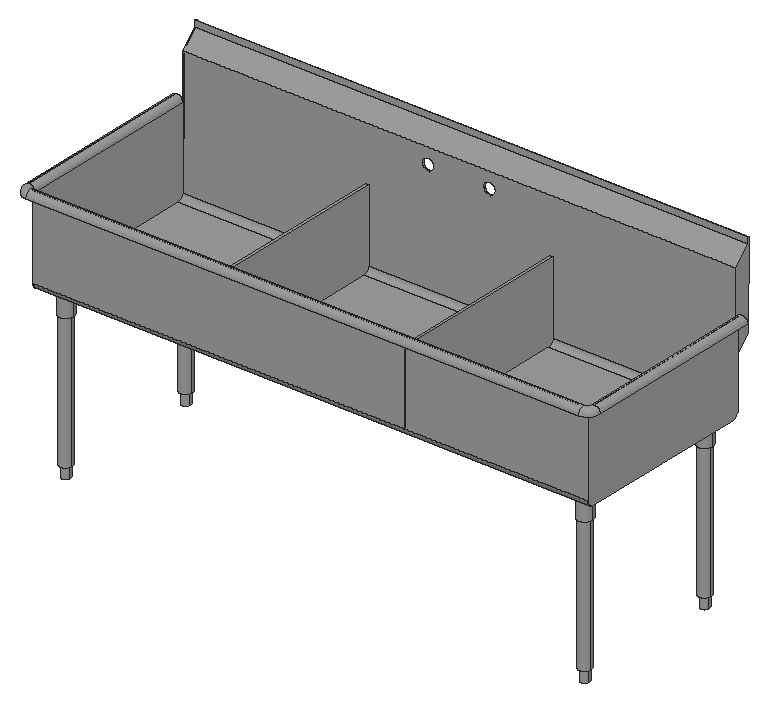
Revit family
Parameters (values of type "ByType")
  Width = 2' - 3 1/2"
  URL = "www.sspinc.net"
  Specification URL = "http://www.sspinc.net/sspweb/index.php?option=com_virtuemart&page=shop.browse&category_id=32&Itemid=73&TreeId=5"
  Sink Material = Metal - Steel - Stainless - Chrome
  Model Number = ""
  Model = "Budget"
  Manufacturer = "Elkay SSP, LLC"
  Length = 6' - 3"
  Hidden Width = if(Compartment Width > 0' 11", Width, (Compartment Width + Sink Rim Front Width + Backsplash Width))  # 2' - 3 1/2"
  Hidden Compartment Width = Width - Sink Rim Front Width - Backsplash Width  # 2' - 0"
  Hidden Compartment Length = (Length - (Sink Rim Sides Width * 2)) / 3  # 2' - 0"
  Description = "Ultility, Triple Compartment"
  Compartment Length = if(Hidden Compartment Length > 0' 8 1/2", Hidden Compartment Length, 0' 8 1/2")  # 2' - 0"
  Hidden Length = if((Compartment Length > 0' 8 1/2"), Length, (((Compartment Length * 3) + (Sink Rim Sides Width * 2))))  # 6' - 3"
  Sink Rim Sides Width = 0' - 1 1/2"  # constant formula
  Sink Rim Front Width = 0' - 1 1/2"  # constant formula
  Backsplash Width = 0' - 2"  # constant formula
  Sink Drain Location = Compartment Width / 2  # 1' - 0"
  Compartment Depth = 1' - 0"
  Compartment Width = if(Hidden Compartment Width > 0' 11", Hidden Compartment Width, 0' 11")  # 2' - 0"
  Rim Height = 2' - 10"
  Hole 1 to 2 = 0' - 8"
  Hole 1 From CL = 0' - 4"
  Faucet CL from Top Backsplash = 0' - 4 3/4"
  Backsplash Height = 0' - 8"
  Assembly Code = ""
Reference planes (in)
  plane 1 "CL Sink Hole": y = -0.25
  plane 2 "Bottom": z = 0
  plane 3 "Center (Left/Right)": x = -6
  plane 4 "Basin Edge Left": x = -42
  plane 5 "Basin Edge Right": x = 30
  plane 6 "Basin Edge Back": y = 11.75
  plane 7 "Basin Edge Front": y = -12.25
  plane 8 "Left": x = -43.5
  plane 9 "Right": x = 31.5
  plane 10 "Back": y = 13.75
  plane 11 "Front": y = -13.75
  plane 12 "Sink Bowl Bottom (Top Face)": z = 22
  plane 13 "Sink Bowl Bottom (Bottom Face)": z = 21.875
  plane 14 "Sink Bottom Piece Back Edge": y = 11
  plane 15 "Sink Bottom Piece Front Edge": y = -11.5
  plane 16 "Center (Front/Back)": y = 0
  plane 17 "Sink Rim Top": z = 34
  plane 18 "Sink Bowl Bottom Radius Top Tangent": z = 22.75
  plane 19 "Sink Rim Inside Lower Edge": z = 33.25
  plane 20 "Backsplash Top Angle": z = 41.25
  plane 21 "Backsplash Angle": z = 39.3125
  plane 22 "Backsplash Side Piece Front": y = 11.875
  plane 23 "Backsplash Side Piece Top": z = 41.07322
  plane 24 "Backsplash Side Piece Angle": z = 39.26072
  plane 25 "Backsplash Side Piece Bottom": z = 29
  plane 26 "Backsplash Side Right Piece Inside Edge": x = 29.875
  plane 27 "Backsplash Side Left Piece Inside Edge": x = -41.875
  plane 28 "Basin Edge Right Outside Face": x = 30.125
  plane 29 "Basin Edge Left Outside Face": x = -42.125
  plane 30 "Faucet Hole CL Elev": z = 37.25
  plane 31 "CL Faucet Hole Left": x = -10
  plane 32 "CL Faucet Hole Right": x = -2
  plane 33 "Leg Left CL": x = -39.75
  plane 34 "Leg Front CL": y = -10
  plane 35 "Leg Large Dia Bottom": z = 19
  plane 36 "Leg Foot Top": z = 1.5
  plane 37 "Leg Right CL": x = 27.75
  plane 38 "Leg Back CL": y = 9.5
  plane 39 "Basin Edge Front Outside Edge": y = -12.375
  plane 40 "Basin Edge Back Outside Edge": y = 11.875
  plane 41 "Backsplash Tile Edge Front Face": y = 13.6875
  plane 42 "Backsplash Top Angle 2": z = 41.13572
  plane 43 "Top of Backsplash": z = 42
  plane 44 "Backsplash Side Piece Angle Bottom": z = 30.875
  plane 45 "Left Basin CL": x = -30
  plane 46 "Right Basin CL": x = 18
  plane 47 "Partition Center Right Edge": x = -17.8125
  plane 48 "Partition Center Left Edge": x = -18.1875
  plane 49 "Partition Top": z = 32.1875
  plane 50 "Partition Left CL": x = -18
  plane 51 "Partition Right CL": x = 6
  plane 52 "Partition Right Left Edge": x = 5.8125
  plane 53 "Partition Right Right Edge": x = 6.1875
Forms (in)
  Sweep 1, solid, material "Metal - Steel - Stainless - Chrome" <- "Sink Material"
    path origin (0, 0, 34) x (0, -1, 0) y (1, 0, 0)
      loop
        line (-11.75, 31.5) -> (12.1875, 31.5)
        arc (12.1875, 31.5) -> (13.29235, 31.04235) -> (13.75, 29.9375) r 1.5625
        line (13.75, 29.9375) -> (13.75, -41.9375)
        arc (13.75, -41.9375) -> (13.29235, -43.04235) -> (12.1875, -43.5) r 1.5625
        line (12.1875, -43.5) -> (-11.75, -43.5)
    profile "profile-budget-rim : profile-budget-rim" origin (-43.5, -0.21875, 34) x (-1, 0, 0) y (0, 0, 1)
      loop
        line (-1.5, -0.75) -> (-1.375, -0.75)
        arc (-1.375, -0.75) -> (-0.75, -0.125) -> (-0.125, -0.75) r 0.625
        line (-0.125, -0.75) -> (0, -0.75)
        arc (0, -0.75) -> (-0.75, 0) -> (-1.5, -0.75) r 0.75
  Extrusion 2, solid, material "Metal - Steel - Stainless - Chrome" <- "Sink Material"
    sketch origin (-6, 0, 0) x (0, 1, 0) y (0, 0, 1)
      loop
        line (-12.375, 33.25) -> (-12.375, 22.75)
        arc (-12.375, 22.75) -> (-12.11872, 22.13128) -> (-11.5, 21.875) r 0.875
        line (-11.5, 21.875) -> (11, 21.875)
        arc (11, 21.875) -> (11.61872, 22.13128) -> (11.875, 22.75) r 0.875
        line (11.875, 22.75) -> (11.875, 33.25) -> (11.75, 33.25) -> (11.75, 22.75)
        arc (11.75, 22.75) -> (11.53033, 22.21967) -> (11, 22) r 0.75
        line (11, 22) -> (-11.5, 22)
        arc (-11.5, 22) -> (-12.03033, 22.21967) -> (-12.25, 22.75) r 0.75
        line (-12.25, 22.75) -> (-12.25, 33.25) -> (-12.375, 33.25)
    from -36 to 36
  Extrusion 3, solid, material "Metal - Steel - Stainless - Chrome" <- "Sink Material"
    sketch origin (-6, 0, 0) x (0, 1, 0) y (0, 0, 1)
      loop
        line (11.75, 39.3125) -> (11.75, 33.25) -> (11.875, 33.25) -> (11.875, 39.26072) -> (13.75, 41.13572) -> (13.75, 42) -> (13.6875, 42) -> (13.6875, 41.25) -> (11.75, 39.3125)
    from -36 to 36
  Extrusion 4, solid, material "Metal - Steel - Stainless - Chrome" <- "Sink Material"
    sketch origin (31.5, 0, 0) x (0, 1, 0) y (0, 0, 1)
      loop
        line (13.75, 41.13572) -> (11.875, 39.26072) -> (11.875, 29) -> (13.75, 30.875) -> (13.75, 41.13572)
    from -1.625 to -1.5
  Extrusion 5, solid, material "Metal - Steel - Stainless - Chrome" <- "Sink Material"
    sketch origin (-18.03125, 0, 0) x (0, 1, 0) y (0, 0, 1)
      loop
        line (13.75, 41.13572) -> (11.875, 39.26072) -> (11.875, 29) -> (13.75, 30.875) -> (13.75, 41.13572)
    from -23.96875 to -23.84375
  Extrusion 6, solid, material "Metal - Steel - Stainless - Chrome" <- "Sink Material"
    sketch origin (30, 0, 0) x (0, 1, 0) y (0, 0, 1)
      loop
        line (-12.375, 33.25) -> (-12.375, 22.75)
        arc (-12.375, 22.75) -> (-12.11872, 22.13128) -> (-11.5, 21.875) r 0.875
        line (-11.5, 21.875) -> (11, 21.875)
        arc (11, 21.875) -> (11.61872, 22.13128) -> (11.875, 22.75) r 0.875
        line (11.875, 22.75) -> (11.875, 33.25) -> (-12.375, 33.25)
    from 0 to 0.125
  Extrusion 7, solid, material "Metal - Steel - Stainless - Chrome" <- "Sink Material"
    sketch origin (-42, 0, 0) x (0, 1, 0) y (0, 0, 1)
      loop
        line (11.875, 33.25) -> (-12.375, 33.25) -> (-12.375, 22.75)
        arc (-12.375, 22.75) -> (-12.11872, 22.13128) -> (-11.5, 21.875) r 0.875
        line (-11.5, 21.875) -> (11, 21.875)
        arc (11, 21.875) -> (11.61872, 22.13128) -> (11.875, 22.75) r 0.875
        line (11.875, 22.75) -> (11.875, 33.25)
    from -0.125 to 0
  Extrusion 8, void
    sketch origin (0, -0.25, 0) x (1, 0, 0) y (0, 0, 1)
      loop
        circle (-10, 37.25) r 0.75
    from -12.125 to -12
  Extrusion 9, void
    sketch origin (0, -0.25, 0) x (1, 0, 0) y (0, 0, 1)
      loop
        circle (-2, 37.25) r 0.75
    from -12.125 to -12
  Extrusion 10, void
    sketch origin (-45.27944, 78.60934, 0) x (1, 0, 0) y (0, 1, 0)
      loop
        circle (15.27944, -78.85934) r 2.375
    from 21.875 to 22
  Revolve 11, solid, material "Metal - Steel - Stainless - Chrome" <- "Sink Material"
    sketch origin (0, -10, 0) x (-1, 0, 0) y (0, 0, 1)
      loop
        line (40.5625, 19) -> (40.72, 19) -> (40.72, 21.875) -> (39.75, 21.875) -> (39.75, 0) -> (40.3125, 0) -> (40.3125, 1.5) -> (40.5625, 1.5) -> (40.5625, 19)
      axis (39.75, 21.875) -> (39.75, 0)
    angle from 0 to 360
  Revolve 12, solid, material "Metal - Steel - Stainless - Chrome" <- "Sink Material"
    sketch origin (0, -10, 0) x (-1, 0, 0) y (0, 0, 1)
      loop
        line (-28.5625, 19) -> (-28.5625, 1.5) -> (-28.3125, 1.5) -> (-28.3125, 0) -> (-27.75, 0) -> (-27.75, 21.875) -> (-28.72, 21.875) -> (-28.72, 19) -> (-28.5625, 19)
      axis (-27.75, 21.875) -> (-27.75, 0)
    angle from 0 to 360
  Revolve 13, solid, material "Metal - Steel - Stainless - Chrome" <- "Sink Material"
    sketch origin (0, 9.5, 0) x (-1, 0, 0) y (0, 0, 1)
      loop
        line (-28.5625, 19) -> (-28.5625, 1.5) -> (-28.3125, 1.5) -> (-28.3125, 0) -> (-27.75, 0) -> (-27.75, 21.875) -> (-28.72, 21.875) -> (-28.72, 19) -> (-28.5625, 19)
      axis (-27.75, 21.875) -> (-27.75, 0)
    angle from 0 to 360
  Revolve 14, solid, material "Metal - Steel - Stainless - Chrome" <- "Sink Material"
    sketch origin (0, 9.5, 0) x (-1, 0, 0) y (0, 0, 1)
      loop
        line (38.9375, 19) -> (38.9375, 1.5) -> (39.1875, 1.5) -> (39.1875, 0) -> (39.75, 0) -> (39.75, 21.875) -> (38.78, 21.875) -> (38.78, 19) -> (38.9375, 19)
      axis (39.75, 21.875) -> (39.75, 0)
    angle from 0 to 360
  Sweep 15, solid, material "Metal - Steel - Stainless - Chrome" <- "Sink Material"
    path origin (0, 0, 22) x (-1, 0, 0) y (0, -1, 0)
      loop
        circle (30, 0.25) r 2.375
    profile "profile-elkay-sink-hole-1 : profile-elkay-sink-hole-1" origin (-30, -2.625, 22) x (0, 1, 0) y (0, 0, 1)
      loop
        arc (0.10775, -0.05529) -> (0.06053, -0.01467) -> (0, 0) r 0.133
        line (0, 0) -> (0, -0.07422)
        arc (0, -0.07422) -> (0.0267, -0.08072) -> (0.04752, -0.09865) r 0.05878
        line (0.04752, -0.09865) -> (0.12152, -0.20143) -> (0.5715, -0.40832) -> (0.5715, -0.32577) -> (0.16939, -0.14089) -> (0.10775, -0.05529)
  Extrusion 16, void
    sketch origin (0, 0, 0) x (1, 0, 0) y (0, 1, 0)
      loop
        circle (18, -0.25) r 2.375
    from 21.875 to 22
  Sweep 17, solid, material "Metal - Steel - Stainless - Chrome" <- "Sink Material"
    path origin (0, 0, 22) x (-1, 0, 0) y (0, -1, 0)
      loop
        circle (-18, 0.25) r 2.375
    profile "profile-elkay-sink-hole-1 : profile-elkay-sink-hole-1" origin (18, -2.625, 22) x (0, 1, 0) y (0, 0, 1)
      loop
        arc (0.10775, -0.05529) -> (0.06053, -0.01467) -> (0, 0) r 0.133
        line (0, 0) -> (0, -0.07422)
        arc (0, -0.07422) -> (0.0267, -0.08072) -> (0.04752, -0.09865) r 0.05878
        line (0.04752, -0.09865) -> (0.12152, -0.20143) -> (0.5715, -0.40832) -> (0.5715, -0.32577) -> (0.16939, -0.14089) -> (0.10775, -0.05529)
  Extrusion 18, solid, material "Metal - Steel - Stainless - Chrome" <- "Sink Material"
    sketch origin (-6, 0, 0) x (0, 1, 0) y (0, 0, 1)
      loop
        line (-12.25, 32.1875) -> (-12.25, 22.75)
        arc (-12.25, 22.75) -> (-12.03033, 22.21967) -> (-11.5, 22) r 0.75
        line (-11.5, 22) -> (11, 22)
        arc (11, 22) -> (11.53033, 22.21967) -> (11.75, 22.75) r 0.75
        line (11.75, 22.75) -> (11.75, 32.1875) -> (-12.25, 32.1875)
    from -12.1875 to -11.8125
  Extrusion 19, void
    sketch origin (0, 0, 0) x (1, 0, 0) y (0, 1, 0)
      loop
        circle (-6, -0.25) r 2.375
    from 21.875 to 22
  Sweep 20, solid, material "Metal - Steel - Stainless - Chrome" <- "Sink Material"
    path origin (0, 0, 22) x (-1, 0, 0) y (0, -1, 0)
      loop
        circle (6, 0.25) r 2.375
    profile "profile-elkay-sink-hole-1 : profile-elkay-sink-hole-1" origin (-6, -2.625, 22) x (0, 1, 0) y (0, 0, 1)
      loop
        arc (0.10775, -0.05529) -> (0.06053, -0.01467) -> (0, 0) r 0.133
        line (0, 0) -> (0, -0.07422)
        arc (0, -0.07422) -> (0.0267, -0.08072) -> (0.04752, -0.09865) r 0.05878
        line (0.04752, -0.09865) -> (0.12152, -0.20143) -> (0.5715, -0.40832) -> (0.5715, -0.32577) -> (0.16939, -0.14089) -> (0.10775, -0.05529)
  Extrusion 21, solid, material "Metal - Steel - Stainless - Chrome" <- "Sink Material"
    sketch origin (-6, 0, 0) x (0, 1, 0) y (0, 0, 1)
      loop
        line (-12.25, 32.1875) -> (-12.25, 22.75)
        arc (-12.25, 22.75) -> (-12.03033, 22.21967) -> (-11.5, 22) r 0.75
        line (-11.5, 22) -> (11, 22)
        arc (11, 22) -> (11.53033, 22.21967) -> (11.75, 22.75) r 0.75
        line (11.75, 22.75) -> (11.75, 32.1875) -> (-12.25, 32.1875)
    from 11.8125 to 12.1875
Cuts and joins
  Extrusion 19 cuts Sweep 1
  Extrusion 10, Extrusion 16, Extrusion 19 cuts Extrusion 2
  Extrusion 8, Extrusion 9, Extrusion 19 cuts Extrusion 3
  Extrusion 19 cuts Extrusion 4
  Extrusion 19 cuts Extrusion 5
  Extrusion 19 cuts Extrusion 6
  Extrusion 19 cuts Extrusion 7
  Extrusion 19 cuts Sweep 15
  Extrusion 19 cuts Sweep 17
  joined: Sweep 1, Extrusion 2, Extrusion 3, Extrusion 4, Extrusion 5, Extrusion 6, Extrusion 7, Sweep 15, Sweep 17, Sweep 20
Lines and regions (in)
  Masking region 1
    outline origin (0, 0, 0) x (1, 0, 0) y (0, 1, 0)
      loop
        line (-43.5, 13.75) -> (-43.5, -12.1875)
        arc (-43.5, -12.1875) -> (-43.04235, -13.29235) -> (-41.9375, -13.75) r 1.5625
        line (-41.9375, -13.75) -> (29.9375, -13.75)
        arc (29.9375, -13.75) -> (31.04235, -13.29235) -> (31.5, -12.1875) r 1.5625
        line (31.5, -12.1875) -> (31.5, 13.75) -> (-43.5, 13.75)
  reference lines
    curve 1: line (-39.75, -10, 21.875) -> (-39.75, -10, 0)
    curve 2: line (27.75, -10, 22) -> (27.75, -10, 0)
    curve 3: line (27.75, 9.5, 21.875) -> (27.75, 9.5, 0)
    curve 4: line (-39.75, 9.5, 21.875) -> (-39.75, 9.5, 0)
    curve 9: arc (-6, -12.25, 22.75) -> (-6, -12.03033, 22.21967) -> (-6, -11.5, 22) r 0.75
    curve 10: arc (-6, -12.375, 22.75) -> (-6, -12.11872, 22.13128) -> (-6, -11.5, 21.875) r 0.875
    curve 11: arc (-6, 11.75, 22.75) -> (-6, 11.53033, 22.21967) -> (-6, 11, 22) r 0.75
    curve 12: arc (-6, 11.875, 22.75) -> (-6, 11.61872, 22.13128) -> (-6, 11, 21.875) r 0.875
  symbolic lines
    curve 5: line (-43.5, 11.75, 0) -> (31.5, 11.75, 0)
    curve 6: line (-42, -12.25, 0) -> (-42, 11.75, 0)
    curve 7: line (30, -12.25, 0) -> (-42, -12.25, 0)
    curve 8: line (30, 11.75, 0) -> (30, -12.25, 0)
    curve 13: circle (-30, -0.25, 0) r 2.375 normal (0, 0, 1)
    curve 14: circle (-30, -0.25, 0) r 1.75 normal (0, 0, 1)
    curve 15: circle (18, -0.25, 0) r 2.375 normal (0, 0, 1)
    curve 16: circle (18, -0.25, 0) r 1.75 normal (0, 0, 1)
    curve 17: line (-18.1875, 11.75, 0) -> (-18.1875, -12.25, 0)
    curve 18: line (-17.8125, 11.75, 0) -> (-17.8125, -12.25, 0)
    curve 19: line (6.1875, -12.25, 0) -> (6.1875, 11.75, 0)
    curve 20: line (5.8125, 11.75, 0) -> (5.8125, -12.25, 0)
    curve 21: circle (-6, -0.25, 0) r 2.375 normal (0, 0, 1)
    curve 22: circle (-6, -0.25, 0) r 1.75 normal (0, 0, 1)
Dimensions and locks (in)
  equal spacing: plane 8 "Left", plane 3 "Center (Left/Right)", plane 9 "Right"
  "Sink Rim Sides Width": plane 8 "Left" to plane 4 "Basin Edge Left"
  "Sink Rim Sides Width": plane 5 "Basin Edge Right" to plane 9 "Right"
  "Hidden Length": plane 8 "Left" to plane 9 "Right"
  "Sink Drain Location": plane 6 "Basin Edge Back" to plane 1 "CL Sink Hole"
  "Backsplash Width": plane 10 "Back" to plane 6 "Basin Edge Back"
  "Sink Rim Front Width": plane 7 "Basin Edge Front" to plane 11 "Front"
  "Hidden Width": plane 10 "Back" to plane 11 "Front"
  locked: plane 15 "Sink Bottom Piece Front Edge" to plane 7 "Basin Edge Front" at 0.75
  locked: plane 6 "Basin Edge Back" to plane 14 "Sink Bottom Piece Back Edge" at 0.75
  equal spacing: plane 10 "Back", plane 16 "Center (Front/Back)", plane 11 "Front"
  "Compartment Depth": plane 17 "Sink Rim Top" to plane 12 "Sink Bowl Bottom (Top Face)"
  "Rim Height": plane 17 "Sink Rim Top" to plane 2 "Bottom"
  locked: plane 18 "Sink Bowl Bottom Radius Top Tangent" to plane 12 "Sink Bowl Bottom (Top Face)" at 0.75
  locked: plane 17 "Sink Rim Top" to plane 19 "Sink Rim Inside Lower Edge" at 0.75
  "Backsplash Height": plane 43 "Top of Backsplash" to plane 17 "Sink Rim Top"
  locked: plane 20 "Backsplash Top Angle" to plane 21 "Backsplash Angle" at 1.9375
  locked: plane 20 "Backsplash Top Angle" to plane 23 "Backsplash Side Piece Top" at 0.17678
  locked: plane 6 "Basin Edge Back" to plane 22 "Backsplash Side Piece Front" at 0.125
  locked: plane 21 "Backsplash Angle" to plane 24 "Backsplash Side Piece Angle" at 0.05178
  locked: plane 26 "Backsplash Side Right Piece Inside Edge" to plane 5 "Basin Edge Right" at 0.125
  locked: plane 4 "Basin Edge Left" to plane 27 "Backsplash Side Left Piece Inside Edge" at 0.125
  locked: plane 5 "Basin Edge Right" to plane 28 "Basin Edge Right Outside Face" at 0.125
  locked: plane 29 "Basin Edge Left Outside Face" to plane 4 "Basin Edge Left" at 0.125
  locked: plane 34 "Leg Front CL" to plane 7 "Basin Edge Front" at 2.25
  locked: plane 4 "Basin Edge Left" to plane 33 "Leg Left CL" at 2.25
  "Hole 1 From CL": plane 31 "CL Faucet Hole Left" to plane 3 "Center (Left/Right)"
  "Hole 1 to 2": plane 31 "CL Faucet Hole Left" to plane 32 "CL Faucet Hole Right"
  locked: plane 12 "Sink Bowl Bottom (Top Face)" to plane 13 "Sink Bowl Bottom (Bottom Face)" at 0.125
  locked: plane 13 "Sink Bowl Bottom (Bottom Face)" to plane 35 "Leg Large Dia Bottom" at 2.875
  locked: plane 36 "Leg Foot Top" to plane 2 "Bottom" at 1.5
  "Faucet CL from Top Backsplash": plane 43 "Top of Backsplash" to plane 30 "Faucet Hole CL Elev"
  locked: plane 37 "Leg Right CL" to plane 5 "Basin Edge Right" at 2.25
  locked: plane 6 "Basin Edge Back" to plane 38 "Leg Back CL" at 2.25
  locked: nested 1 to plane 9 "Right" at 6
  locked: plane 10 "Back" to nested 1 at 0.875
  locked: plane 39 "Basin Edge Front Outside Edge" to plane 7 "Basin Edge Front" at 0.125
  plane 6 "Basin Edge Back" to plane 40 "Basin Edge Back Outside Edge" = 0' - 0 1/8"
  locked: plane 41 "Backsplash Tile Edge Front Face" to plane 10 "Back" at 0.0625
  locked: plane 20 "Backsplash Top Angle" to plane 42 "Backsplash Top Angle 2" at 0.11428
  locked: plane 43 "Top of Backsplash" to plane 20 "Backsplash Top Angle" at 0.75
  locked: plane 44 "Backsplash Side Piece Angle Bottom" to plane 25 "Backsplash Side Piece Bottom" at 1.875
  locked: plane 17 "Sink Rim Top" to plane 25 "Backsplash Side Piece Bottom" at 5
  equal spacing: plane 4 "Basin Edge Left", plane 45 "Left Basin CL", plane 50 "Partition Left CL"
  equal spacing: plane 51 "Partition Right CL", plane 46 "Right Basin CL", plane 5 "Basin Edge Right"
  equal spacing: plane 48 "Partition Center Left Edge", plane 50 "Partition Left CL", plane 47 "Partition Center Right Edge"
  locked: plane 48 "Partition Center Left Edge" to plane 47 "Partition Center Right Edge" at 0.375
  locked: plane 17 "Sink Rim Top" to plane 49 "Partition Top" at 1.8125
  equal spacing: plane 52 "Partition Right Left Edge", plane 51 "Partition Right CL", plane 53 "Partition Right Right Edge"
  locked: plane 52 "Partition Right Left Edge" to plane 53 "Partition Right Right Edge" at 0.375
  equal spacing: plane 4 "Basin Edge Left", plane 50 "Partition Left CL", plane 51 "Partition Right CL", plane 5 "Basin Edge Right"
  aligned and locked: Extrusion 2 sketch curve to plane 6 "Basin Edge Back"
  aligned and locked: plane 5 "Basin Edge Right" to Extrusion 2
  aligned and locked: Extrusion 2 to plane 4 "Basin Edge Left"
  aligned and locked: Extrusion 2 sketch curve to plane 19 "Sink Rim Inside Lower Edge"  (x2)
  aligned and locked: Extrusion 3 sketch curve to plane 19 "Sink Rim Inside Lower Edge"
  aligned and locked: Extrusion 3 sketch curve to plane 10 "Back"
  aligned and locked: Extrusion 3 sketch curve to plane 6 "Basin Edge Back"
  aligned: plane 9 "Right" to Extrusion 3
  aligned: Extrusion 3 to plane 8 "Left"
  aligned and locked: plane 10 "Back" to Extrusion 4 sketch curve
  aligned and locked: Extrusion 4 sketch curve to plane 22 "Backsplash Side Piece Front"
  aligned and locked: Extrusion 4 to plane 26 "Backsplash Side Right Piece Inside Edge"
  aligned: plane 9 "Right" to Extrusion 4
  aligned and locked: Extrusion 5 sketch curve to plane 10 "Back"
  aligned and locked: plane 22 "Backsplash Side Piece Front" to Extrusion 5 sketch curve
  aligned and locked: plane 27 "Backsplash Side Left Piece Inside Edge" to Extrusion 5
  aligned: Extrusion 5 to plane 8 "Left"
  aligned and locked: Extrusion 6 sketch curve to plane 19 "Sink Rim Inside Lower Edge"
  aligned and locked: Extrusion 6 to plane 5 "Basin Edge Right"
  aligned and locked: plane 28 "Basin Edge Right Outside Face" to Extrusion 6
  aligned and locked: Extrusion 7 sketch curve to plane 19 "Sink Rim Inside Lower Edge"
  aligned and locked: Extrusion 7 to plane 29 "Basin Edge Left Outside Face"
  aligned and locked: plane 4 "Basin Edge Left" to Extrusion 7
  aligned and locked: plane 22 "Backsplash Side Piece Front" to Extrusion 9
  aligned and locked: Extrusion 9 to plane 6 "Basin Edge Back"
  aligned and locked: plane 22 "Backsplash Side Piece Front" to Extrusion 8
  aligned: Extrusion 8 to plane 14 "Sink Bottom Piece Back Edge"
  aligned and locked: Extrusion 8 to plane 6 "Basin Edge Back"
  aligned and locked: plane 12 "Sink Bowl Bottom (Top Face)" to Extrusion 10
  aligned and locked: Extrusion 10 to plane 13 "Sink Bowl Bottom (Bottom Face)"
  aligned and locked: Revolve 11 sketch curve to plane 13 "Sink Bowl Bottom (Bottom Face)"
  aligned and locked: Revolve 11 sketch curve to curve 1
  aligned and locked: curve 2 to plane 37 "Leg Right CL"
  aligned and locked: curve 2 to plane 12 "Sink Bowl Bottom (Top Face)"
  aligned and locked: plane 2 "Bottom" to curve 2
  aligned and locked: Revolve 12 sketch curve to plane 36 "Leg Foot Top"
  aligned and locked: Revolve 12 sketch curve to plane 35 "Leg Large Dia Bottom"
  aligned and locked: plane 2 "Bottom" to Revolve 12 sketch curve  (x3)
  aligned and locked: Revolve 12 sketch curve to plane 13 "Sink Bowl Bottom (Bottom Face)"  (x2)
  aligned and locked: curve 2 to Revolve 12 sketch curve  (x2)
  aligned and locked: Revolve 13 sketch curve to plane 2 "Bottom"
  aligned and locked: plane 36 "Leg Foot Top" to Revolve 13 sketch curve
  aligned and locked: plane 35 "Leg Large Dia Bottom" to Revolve 13 sketch curve
  aligned and locked: Revolve 13 sketch curve to plane 13 "Sink Bowl Bottom (Bottom Face)"
  aligned and locked: plane 37 "Leg Right CL" to Revolve 13 sketch curve
  aligned and locked: Revolve 13 sketch curve to curve 3
  aligned and locked: Revolve 14 sketch curve to plane 2 "Bottom"
  aligned and locked: Revolve 14 sketch curve to plane 36 "Leg Foot Top"
  aligned and locked: Revolve 14 sketch curve to plane 35 "Leg Large Dia Bottom"
  aligned and locked: plane 13 "Sink Bowl Bottom (Bottom Face)" to Revolve 14 sketch curve
  aligned and locked: plane 33 "Leg Left CL" to Revolve 14 sketch curve
  aligned and locked: plane 2 "Bottom" to Revolve 14 sketch curve
  aligned and locked: Revolve 14 sketch curve to plane 33 "Leg Left CL"
  aligned and locked: Masking region 1 sketch curve to plane 10 "Back"
  aligned and locked: plane 8 "Left" to Masking region 1 sketch curve
  aligned and locked: Masking region 1 sketch curve to plane 9 "Right"
  aligned and locked: plane 11 "Front" to Masking region 1 sketch curve
  aligned and locked: plane 4 "Basin Edge Left" to curve 6
  aligned and locked: curve 5 to plane 6 "Basin Edge Back"
  aligned and locked: plane 8 "Left" to curve 5
  aligned and locked: plane 9 "Right" to curve 5
  aligned and locked: Extrusion 6 sketch curve to plane 39 "Basin Edge Front Outside Edge"
  aligned and locked: Extrusion 6 sketch curve to plane 40 "Basin Edge Back Outside Edge"
  aligned and locked: plane 24 "Backsplash Side Piece Angle" to Extrusion 4 sketch curve
  aligned and locked: plane 6 "Basin Edge Back" to Sweep 1 sketch curve  (x2)
  aligned and locked: Extrusion 6 sketch curve to curve 10
  aligned and locked: Extrusion 6 sketch curve to curve 12
  aligned and locked: Extrusion 7 sketch curve to curve 12
  aligned and locked: Extrusion 7 sketch curve to curve 10
  aligned and locked: Extrusion 2 sketch curve to curve 11
  aligned and locked: Extrusion 2 sketch curve to curve 9
  aligned and locked: plane 5 "Basin Edge Right" to cut or joined group 1 (Sweep 1, Extrusion 2, Extrusion 3, Extrusion 4, Extrusion 5, Extrusion 6, Extrusion 7, Extrusion 8, Extrusion 9, Extrusion 10, Sweep 15, Extrusion 16, Sweep 17, Extrusion 19, Sweep 20)
  aligned and locked: cut or joined group 1 to plane 4 "Basin Edge Left"  (x2)
  aligned and locked: plane 41 "Backsplash Tile Edge Front Face" to Extrusion 3 sketch curve
  aligned and locked: Extrusion 3 sketch curve to plane 43 "Top of Backsplash"
  aligned and locked: plane 12 "Sink Bowl Bottom (Top Face)" to Extrusion 16
  aligned and locked: Extrusion 16 to plane 13 "Sink Bowl Bottom (Bottom Face)"
  aligned and locked: Extrusion 18 sketch curve to plane 7 "Basin Edge Front"
  aligned and locked: Extrusion 18 sketch curve to plane 6 "Basin Edge Back"
  aligned and locked: Extrusion 18 sketch curve to curve 11
  aligned and locked: Extrusion 18 sketch curve to curve 9
  aligned and locked: Extrusion 18 sketch curve to plane 49 "Partition Top"
  aligned and locked: Extrusion 18 to plane 48 "Partition Center Left Edge"
  aligned and locked: plane 47 "Partition Center Right Edge" to Extrusion 18
  aligned and locked: curve 17 to plane 48 "Partition Center Left Edge"
  aligned and locked: curve 18 to plane 47 "Partition Center Right Edge"
  aligned and locked: plane 6 "Basin Edge Back" to curve 17
  aligned and locked: plane 7 "Basin Edge Front" to curve 18
  aligned and locked: plane 7 "Basin Edge Front" to curve 17
  aligned and locked: plane 12 "Sink Bowl Bottom (Top Face)" to Extrusion 19
  aligned and locked: Extrusion 19 to plane 13 "Sink Bowl Bottom (Bottom Face)"
  aligned and locked: Extrusion 21 sketch curve to plane 7 "Basin Edge Front"
  aligned and locked: Extrusion 21 sketch curve to plane 6 "Basin Edge Back"
  aligned and locked: Extrusion 21 sketch curve to curve 11
  aligned and locked: Extrusion 21 sketch curve to curve 9
  aligned and locked: Extrusion 21 sketch curve to plane 49 "Partition Top"
  aligned and locked: plane 53 "Partition Right Right Edge" to Extrusion 21
  aligned and locked: Extrusion 21 to plane 52 "Partition Right Left Edge"
Automatic sketch dimensions
  Extrusion 8 sketch curve to plane 30 "Faucet Hole CL Elev" = 0' - 0"
  Extrusion 8 sketch curve to plane 31 "CL Faucet Hole Left" = 0' - 0"
  Extrusion 9 sketch curve to plane 30 "Faucet Hole CL Elev" = 0' - 0"
  Extrusion 9 sketch curve to plane 32 "CL Faucet Hole Right" = 0' - 0"
  curve 1 to level = 0' - 0"
  curve 1 to plane 33 "Leg Left CL" = 0' - 0"
  curve 1 to plane 13 "Sink Bowl Bottom (Bottom Face)" = 0' - 0"
  Revolve 11 sketch curve to plane 33 "Leg Left CL" = 0' - 0"
  Revolve 11 sketch curve to level = 0' - 0"  (x2)
  Revolve 11 sketch curve to plane 36 "Leg Foot Top" = 0' - 0"
  Revolve 11 sketch curve to plane 35 "Leg Large Dia Bottom" = 0' - 0"
  Revolve 11 sketch curve to plane 13 "Sink Bowl Bottom (Bottom Face)" = 0' - 0"
  Revolve 11 sketch curve to Revolve 11 sketch curve = 0' - 0 9/16"
  Revolve 11 sketch curve to Revolve 11 sketch curve = 0' - 0 1/4"
  Revolve 11 sketch curve to Revolve 11 sketch curve = 0' - 0.1575"
  plane 37 "Leg Right CL" to Revolve 12 sketch curve = 0' - 0 9/16"
  plane 37 "Leg Right CL" to Revolve 12 sketch curve = 0' - 0 13/16"
  Revolve 12 sketch curve to Revolve 12 sketch curve = 0' - 0.1575"
  curve 3 to level = 0' - 0"
  curve 3 to plane 37 "Leg Right CL" = 0' - 0"
  curve 3 to plane 13 "Sink Bowl Bottom (Bottom Face)" = 0' - 0"
  Revolve 13 sketch curve to level = 0' - 0"
  Revolve 13 sketch curve to plane 13 "Sink Bowl Bottom (Bottom Face)" = 0' - 0"
  plane 37 "Leg Right CL" to Revolve 13 sketch curve = 0' - 0 9/16"
  Revolve 13 sketch curve to Revolve 13 sketch curve = 0' - 0 1/4"
  Revolve 13 sketch curve to Revolve 13 sketch curve = 0' - 0.97"
  Revolve 14 sketch curve to plane 13 "Sink Bowl Bottom (Bottom Face)" = 0' - 0"
  plane 33 "Leg Left CL" to Revolve 14 sketch curve = 0' - 0 9/16"
  Revolve 14 sketch curve to Revolve 14 sketch curve = 0' - 0 1/4"
  Revolve 14 sketch curve to Revolve 14 sketch curve = 0' - 0.97"
  curve 4 to level = 0' - 0"
  curve 4 to plane 33 "Leg Left CL" = 0' - 0"
  curve 4 to plane 13 "Sink Bowl Bottom (Bottom Face)" = 0' - 0"
  Sweep 1 sketch curve to plane 9 "Right" = 0' - 0"
  Sweep 1 sketch curve to plane 8 "Left" = 0' - 0"
  Sweep 1 sketch curve to plane 11 "Front" = 0' - 0"
  Sweep 1 sketch curve to plane 5 "Basin Edge Right" = 0' - 0 1/16"
  plane 7 "Basin Edge Front" to Sweep 1 sketch curve = 0' - 0 1/16"
  plane 4 "Basin Edge Left" to Masking region 1 sketch curve = 0' - 0 1/16"
  Masking region 1 sketch curve to plane 5 "Basin Edge Right" = 0' - 0 1/16"
  curve 9 to curve 10 = 0' - 0"  (x2)
  curve 11 to curve 12 = 0' - 0"  (x2)
  curve 10 to plane 18 "Sink Bowl Bottom Radius Top Tangent" = 0' - 0"
  curve 10 to plane 39 "Basin Edge Front Outside Edge" = 0' - 0"
  curve 9 to plane 7 "Basin Edge Front" = 0' - 0"
  curve 10 to plane 15 "Sink Bottom Piece Front Edge" = 0' - 0"
  curve 11 to plane 14 "Sink Bottom Piece Back Edge" = 0' - 0"
  curve 11 to plane 6 "Basin Edge Back" = 0' - 0"
  curve 12 to plane 18 "Sink Bowl Bottom Radius Top Tangent" = 0' - 0"
  curve 12 to plane 22 "Backsplash Side Piece Front" = 0' - 0"
  Extrusion 2 sketch curve to plane 22 "Backsplash Side Piece Front" = 0' - 0"
  Extrusion 2 sketch curve to Extrusion 2 sketch curve = 0' - 0"  (x4)
  Extrusion 3 sketch curve to plane 22 "Backsplash Side Piece Front" = 0' - 0"
  Extrusion 3 sketch curve to plane 24 "Backsplash Side Piece Angle" = 0' - 0"
  Extrusion 3 sketch curve to plane 21 "Backsplash Angle" = 0' - 0"
  Extrusion 3 sketch curve to plane 42 "Backsplash Top Angle 2" = 0' - 0"
  Extrusion 3 sketch curve to plane 20 "Backsplash Top Angle" = 0' - 0"
  Extrusion 4 sketch curve to plane 25 "Backsplash Side Piece Bottom" = 0' - 0"
  Extrusion 4 sketch curve to plane 44 "Backsplash Side Piece Angle Bottom" = 0' - 0"
  Extrusion 4 sketch curve to plane 42 "Backsplash Top Angle 2" = 0' - 0"
  Extrusion 5 sketch curve to plane 25 "Backsplash Side Piece Bottom" = 0' - 0"
  Extrusion 5 sketch curve to plane 44 "Backsplash Side Piece Angle Bottom" = 0' - 0"
  Extrusion 5 sketch curve to plane 24 "Backsplash Side Piece Angle" = 0' - 0"
  Extrusion 5 sketch curve to plane 42 "Backsplash Top Angle 2" = 0' - 0"
  plane 1 "CL Sink Hole" to Extrusion 10 sketch curve = 0' - 0"
  Extrusion 10 sketch curve to plane 45 "Left Basin CL" = 0' - 0"
  plane 1 "CL Sink Hole" to Sweep 15 sketch curve = 0' - 0"
  Sweep 15 sketch curve to plane 45 "Left Basin CL" = 0' - 0"
  plane 1 "CL Sink Hole" to Extrusion 16 sketch curve = 0' - 0"
  Extrusion 16 sketch curve to plane 46 "Right Basin CL" = 0' - 0"
  plane 1 "CL Sink Hole" to Sweep 17 sketch curve = 0' - 0"
  Sweep 17 sketch curve to plane 46 "Right Basin CL" = 0' - 0"
  plane 1 "CL Sink Hole" to Extrusion 19 sketch curve = 0' - 0"
  Extrusion 19 sketch curve to plane 3 "Center (Left/Right)" = 0' - 0"
  plane 1 "CL Sink Hole" to Sweep 20 sketch curve = 0' - 0"
  Sweep 20 sketch curve to plane 3 "Center (Left/Right)" = 0' - 0"
  curve 13 to curve 14 = 0' - 0"  (x2)
  curve 15 to curve 16 = 0' - 0"  (x2)
  curve 21 to curve 22 = 0' - 0"  (x2)
  plane 1 "CL Sink Hole" to curve 13 = 0' - 0"
  curve 13 to plane 45 "Left Basin CL" = 0' - 0"
  plane 1 "CL Sink Hole" to curve 21 = 0' - 0"
  curve 21 to plane 3 "Center (Left/Right)" = 0' - 0"
  curve 20 to plane 52 "Partition Right Left Edge" = 0' - 0"
  curve 19 to plane 53 "Partition Right Right Edge" = 0' - 0"
  plane 1 "CL Sink Hole" to curve 15 = 0' - 0"
  curve 15 to plane 46 "Right Basin CL" = 0' - 0"
  curve 8 to plane 5 "Basin Edge Right" = 0' - 0"
  radius of Extrusion 8 sketch curve = 0' - 0 3/4"
  radius of Extrusion 9 sketch curve = 0' - 0 3/4"
  radius of Extrusion 10 sketch curve = 0' - 2 3/8"
  radius of Sweep 15 sketch curve = 0' - 2 3/8"
  radius of Extrusion 16 sketch curve = 0' - 2 3/8"
  radius of Sweep 17 sketch curve = 0' - 2 3/8"
  radius of Extrusion 19 sketch curve = 0' - 2 3/8"
  radius of Sweep 20 sketch curve = 0' - 2 3/8"
  radius of curve 13 = 0' - 2 3/8"
  radius of curve 14 = 0' - 1 3/4"
  radius of curve 15 = 0' - 2 3/8"
  radius of curve 16 = 0' - 1 3/4"
  radius of curve 21 = 0' - 2 3/8"
  radius of curve 22 = 0' - 1 3/4"
Nested families (in)
  nested 1: "logo-elkay-ssp-detail" at (25.5, 12.875, 0), type "logo-elkay-ssp-detail"
Definition of nested family "logo-elkay-ssp-detail"
  Parameters (values of type "logo-elkay-ssp-detail")
    Assembly Code = ""
  Reference planes (in)
    plane 1 "Center (Front/Back)": y = 0
    plane 2: z = 0
    plane 3 "Center (Left/Right)": x = 0
  Lines and regions (in)
    model lines, style "Light Lines", in view "Ref. Level"
      curve 1: line (-3.32285, -0.06136, 0) -> (-4.06065, -0.06136, 0)
      curve 2: line (-4.06065, -0.06136, 0) -> (-4.1052, -0.25903, 0)
      curve 3: line (-4.1052, -0.25903, 0) -> (-3.21308, -0.25903, 0)
      curve 4: line (-3.21308, -0.25903, 0) -> (-3.24121, -0.38381, 0)
      curve 5: line (-3.24121, -0.38381, 0) -> (-4.38592, -0.38381, 0)
      curve 6: line (-4.38592, -0.38381, 0) -> (-4.2221, 0.37099, 0)
      curve 7: line (-4.2221, 0.37099, 0) -> (-3.14692, 0.37099, 0)
      curve 8: line (-3.14692, 0.37099, 0) -> (-3.17697, 0.23769, 0)
      curve 9: line (-3.17697, 0.23769, 0) -> (-3.99255, 0.23769, 0)
      curve 10: line (-3.99255, 0.23769, 0) -> (-4.0323, 0.06136, 0)
      curve 11: line (-4.0323, 0.06136, 0) -> (-3.29519, 0.06136, 0)
      curve 12: line (-3.29519, 0.06136, 0) -> (-3.32285, -0.06136, 0)
      curve 13: line (-2.6687, 0.37099, 0) -> (-2.81391, -0.25903, 0)
      curve 14: line (-2.81391, -0.25903, 0) -> (-2.05871, -0.25903, 0)
      curve 15: line (-2.05871, -0.25903, 0) -> (-2.08684, -0.38381, 0)
      curve 16: line (-2.08684, -0.38381, 0) -> (-3.09595, -0.38381, 0)
      curve 17: line (-3.09595, -0.38381, 0) -> (-2.93213, 0.37099, 0)
      curve 18: line (-2.93213, 0.37099, 0) -> (-2.6687, 0.37099, 0)
      curve 19: line (-0.64402, 0.37099, 0) -> (-0.90842, 0.37099, 0)
      curve 20: line (-0.90842, 0.37099, 0) -> (-1.67841, -0.0469, 0)
      curve 21: line (-1.67841, -0.0469, 0) -> (-1.57913, 0.37099, 0)
      curve 22: line (-1.57913, 0.37099, 0) -> (-1.84806, 0.37099, 0)
      curve 23: line (-1.84806, 0.37099, 0) -> (-2.01188, -0.38381, 0)
      curve 24: line (-2.01188, -0.38381, 0) -> (-1.7563, -0.38381, 0)
      curve 25: line (-1.7563, -0.38381, 0) -> (-1.71799, -0.21251, 0)
      curve 26: line (-1.71799, -0.21251, 0) -> (-1.43517, -0.06668, 0)
      curve 27: line (-1.43517, -0.06668, 0) -> (-1.0752, -0.38302, 0)
      curve 28: line (-1.0752, -0.38302, 0) -> (-0.71907, -0.38302, 0)
      curve 29: line (-0.71907, -0.38302, 0) -> (-1.21254, 0.0523, 0)
      curve 30: line (-1.21254, 0.0523, 0) -> (-0.64912, 0.37099, 0)
      curve 31: line (0.08918, 0.26288, 0) -> (0.26729, -0.08711, 0)
      curve 32: line (0.26729, -0.08711, 0) -> (-0.20629, -0.08711, 0)
      curve 33: line (-0.20629, -0.08711, 0) -> (0.08918, 0.26288, 0)
      curve 34: line (0.34973, -0.25251, 0) -> (0.4165, -0.38302, 0)
      curve 35: line (0.4165, -0.38302, 0) -> (0.70132, -0.38302, 0)
      curve 36: line (0.70132, -0.38302, 0) -> (0.33383, 0.37099, 0)
      curve 37: line (0.33383, 0.37099, 0) -> (0.0006, 0.37099, 0)
      curve 38: line (0.0006, 0.37099, 0) -> (-0.67302, -0.38302, 0)
      curve 39: line (-0.67302, -0.38302, 0) -> (-0.46788, -0.38302, 0)
      curve 40: line (-0.46788, -0.38302, 0) -> (-0.3476, -0.25251, 0)
      curve 41: line (-0.3476, -0.25251, 0) -> (0.34973, -0.25251, 0)
      curve 42: line (0.56187, 0.37099, 0) -> (0.87618, 0.37099, 0)
      curve 43: line (0.87618, 0.37099, 0) -> (1.20045, 0.00137, 0)
      curve 44: line (1.20045, 0.00137, 0) -> (1.65515, 0.37099, 0)
      curve 45: line (1.65515, 0.37099, 0) -> (1.84822, 0.37099, 0)
      curve 46: line (1.84822, 0.37099, 0) -> (1.2574, -0.11624, 0)
      curve 47: line (0.57295, 0.37099, 0) -> (1.00835, -0.11016, 0)
      curve 48: line (1.00835, -0.11016, 0) -> (0.94407, -0.38302, 0)
      curve 49: line (0.94407, -0.38302, 0) -> (1.19982, -0.38302, 0)
      curve 50: line (1.19982, -0.38302, 0) -> (1.2574, -0.11624, 0)
      curve 51: arc (2.52563, -0.41963, 0) -> (2.55578, -0.40042, 0) -> (2.5511, -0.36497, 0) r 0.03326
      curve 52: arc (2.46024, 0.37099, 0) -> (2.23746, 0.22901, 0) -> (2.27207, -0.03289, 0) r 0.24577
      curve 53: arc (3.26518, 0.1338, 0) -> (3.22745, 0.10965, 0) -> (3.23358, 0.06528, 0) r 0.04155
      curve 54: arc (3.33528, -0.6502, 0) -> (3.54975, -0.51639, 0) -> (3.51615, -0.26584, 0) r 0.23308
      curve 55: arc (3.29628, -0.70696, 0) -> (3.41982, -0.6722, 0) -> (3.50727, -0.57827, 0) r 0.23766
      curve 56: arc (3.2186, -0.41963, 0) -> (3.25205, -0.39818, 0) -> (3.24651, -0.35884, 0) r 0.03681
      curve 57: arc (3.15289, 0.37099, 0) -> (2.93027, 0.22824, 0) -> (2.96709, -0.03364, 0) r 0.24497
      curve 58: arc (2.633, -0.64933, 0) -> (2.85307, -0.50732, 0) -> (2.81371, -0.24838, 0) r 0.24106
      curve 59: arc (2.57187, 0.13545, 0) -> (2.53153, 0.10936, 0) -> (2.53876, 0.06187, 0) r 0.04424
      curve 60: arc (2.55732, 0.07873, 0) -> (2.54756, 0.0776, 0) -> (2.53831, 0.07426, 0) r 0.04262
      curve 61: arc (2.92714, 0.22115, 0) -> (2.87312, 0.06226, 0) -> (2.93286, -0.09457, 0) r 0.24753
      curve 62: arc (2.23855, 0.23132, 0) -> (2.17681, 0.0715, 0) -> (2.23443, -0.08985, 0) r 0.24592
      curve 63: arc (3.88486, -0.44269, 0) -> (4.12885, -0.30718, 0) -> (4.32958, -0.11327, 0) r 1.0718
      curve 64: arc (4.32958, -0.11327, 0) -> (4.38535, 0.16386, 0) -> (4.19297, 0.37099, 0) r 0.30993
      curve 65: arc (3.88486, -0.48319, 0) -> (4.13375, -0.33012, 0) -> (4.32958, -0.11327, 0) r 1.02892
      curve 66: arc (4.32958, -0.11327, 0) -> (4.38773, 0.0419, 0) -> (4.36981, 0.20663, 0) r 0.35813
      curve 67: arc (3.97545, 0.1338, 0) -> (4.02101, 0.1288, 0) -> (4.0644, 0.11404, 0) r 0.21001
      curve 68: arc (4.0644, 0.11404, 0) -> (4.10051, 0.07497, 0) -> (4.09899, 0.0218, 0) r 0.07042
      curve 69: arc (4.09899, 0.0218, 0) -> (4.08251, -0.0082, 0) -> (4.06114, -0.03492, 0) r 0.19865
      curve 70: arc (4.06114, -0.03492, 0) -> (3.97859, -0.10823, 0) -> (3.88498, -0.16674, 0) r 0.65976
      curve 71: arc (3.93761, 0.07708, 0) -> (3.98316, 0.07208, 0) -> (4.02655, 0.05732, 0) r 0.21001
      curve 72: arc (4.02655, 0.05732, 0) -> (4.05187, 0.03848, 0) -> (4.06773, 0.0112, 0) r 0.07853
      curve 73: arc (4.06773, 0.0112, 0) -> (4.06991, -0.01264, 0) -> (4.06114, -0.03492, 0) r 0.05183
      curve 74: line (2.57187, 0.13545, 0) -> (2.84882, 0.13545, 0)
      curve 75: line (2.84882, 0.13545, 0) -> (2.77849, 0.37099, 0)
      curve 76: line (2.77849, 0.37099, 0) -> (2.46024, 0.37099, 0)
      curve 77: line (2.27207, -0.03289, 0) -> (2.5511, -0.36497, 0)
      curve 78: line (3.34243, -0.6502, 0) -> (2.02856, -0.6502, 0)
      curve 79: line (2.02856, -0.6502, 0) -> (1.96102, -0.41963, 0)
      curve 80: line (1.96102, -0.41963, 0) -> (2.52563, -0.41963, 0)
      curve 81: line (1.97764, -0.47635, 0) -> (1.92318, -0.47635, 0)
      curve 82: line (1.92318, -0.47635, 0) -> (1.99066, -0.70813, 0)
      curve 83: line (1.99066, -0.70813, 0) -> (3.29628, -0.70813, 0)
      curve 84: line (3.88486, -0.44269, 0) -> (3.88486, -0.65187, 0)
      curve 85: line (3.88486, -0.65187, 0) -> (3.62132, -0.65187, 0)
      curve 86: line (3.62132, -0.65187, 0) -> (3.62132, 0.1338, 0)
      curve 87: line (3.62132, 0.1338, 0) -> (3.26518, 0.1338, 0)
      curve 88: line (3.84701, -0.65187, 0) -> (3.84701, -0.70859, 0)
      curve 89: line (3.84701, -0.70859, 0) -> (3.58348, -0.70859, 0)
      curve 90: line (3.58348, -0.70859, 0) -> (3.58348, 0.07708, 0)
      curve 91: line (3.58348, 0.07708, 0) -> (3.2265, 0.07708, 0)
      curve 92: line (3.97545, 0.1338, 0) -> (3.88498, 0.1338, 0)
      curve 93: line (3.88498, 0.1338, 0) -> (3.88498, -0.16674, 0)
      curve 94: line (3.15289, 0.37099, 0) -> (4.19297, 0.37099, 0)
      curve 95: line (2.79404, 0.13545, 0) -> (2.81098, 0.07873, 0)
      curve 96: line (2.81098, 0.07873, 0) -> (2.55732, 0.07873, 0)
      curve 97: line (2.8741, -0.41963, 0) -> (3.2186, -0.41963, 0)
      curve 98: line (3.23358, 0.06528, 0) -> (3.53073, -0.28292, 0)
      curve 99: line (2.96709, -0.03364, 0) -> (3.24651, -0.35884, 0)
      curve 100: line (2.53876, 0.06187, 0) -> (2.81371, -0.24838, 0)
      curve 101: line (2.93286, -0.09457, 0) -> (3.21217, -0.41963, 0)
      curve 102: line (2.23443, -0.08985, 0) -> (2.51152, -0.41963, 0)
      curve 103: line (3.88498, 0.07708, 0) -> (3.93761, 0.07708, 0)
